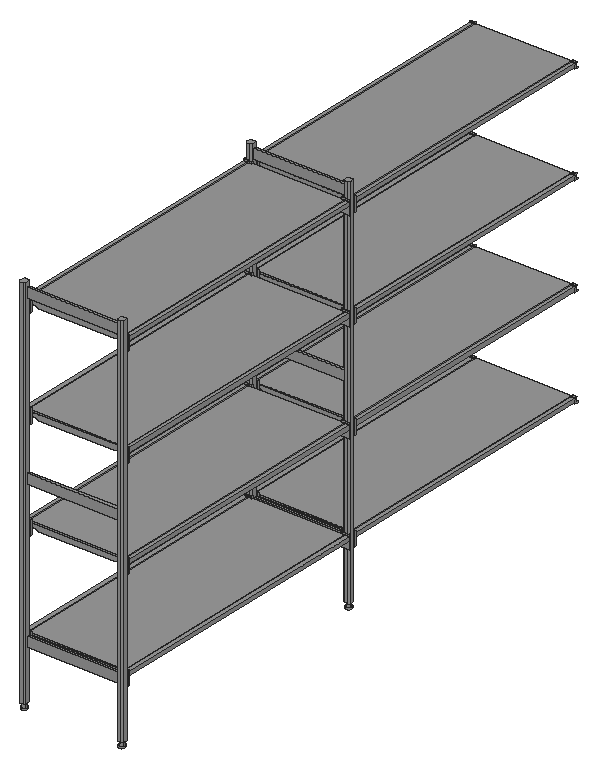
Revit family "QF_ZANUSSI_137087_CLS2548", category Attrezzature speciali, Revit 2020 (continued)
Definition of nested family "WT_Aggancio475"
  Dimensions and locks
    "Dint": plane 7 to plane 8
    equal spacing: plane 7, plane 6 "Center (Front/Back)", plane 8
    equal spacing: plane 3 "BACK", plane 6 "Center (Front/Back)", plane 4 "FRONT"
    plane 9 "FEET" to level = 25.0 mm
    plane 5 "TOP" to plane 9 "FEET" = 1700.0 mm
    plane 10 to plane 9 "FEET" = 250.0 mm
    plane 11 to plane 10 = 450.0 mm
    plane 12 to plane 11 = 450.0 mm
    plane 13 to plane 12 = 450.0 mm
    locked: plane 3 "BACK" to plane 15 "CYBack" at 17.5
    locked: plane 16 "CYFront" to plane 4 "FRONT" at 17.5
    aligned and locked: level to plane 1
    aligned and locked: Extrusion 1 sketch curve to Extrusion 1 sketch curve  (x3)
  Automatic sketch dimensions
    plane 16 "CYFront" to Extrusion 1 sketch curve = 1.478 mm  (x4)
    Extrusion 1 sketch curve to Extrusion 1 sketch curve = 2.0 mm
    plane 8 to Extrusion 1 sketch curve = 3.478 mm  (x4)
    Extrusion 1 sketch curve to plane 10 = 4.006 mm
    Extrusion 1 sketch curve to Extrusion 1 sketch curve = 34.0 mm  (x4)
    Extrusion 1 sketch curve to plane 11 = 4.006 mm
    Extrusion 1 sketch curve to plane 12 = 4.006 mm
    Extrusion 1 sketch curve to plane 13 = 4.006 mm
    Extrusion 1 sketch curve to plane 7 = 37.522 mm  (x4)
    Extrusion 1 sketch curve to plane 7 = 3.522 mm  (x4)
    plane 14 to Extrusion 1 sketch curve = 3.516 mm  (x4)
    plane 14 to Extrusion 1 sketch curve = 1.522 mm  (x4)
    plane 10 to Extrusion 1 sketch curve = 7.998 mm  (x2)
    Extrusion 1 sketch curve to Extrusion 1 sketch curve = 11.498 mm  (x4)
    Extrusion 1 sketch curve to Extrusion 1 sketch curve = 6.499 mm  (x8)
    plane 11 to Extrusion 1 sketch curve = 7.998 mm  (x2)
    plane 12 to Extrusion 1 sketch curve = 7.998 mm  (x2)
    plane 13 to Extrusion 1 sketch curve = 7.998 mm  (x2)
    plane 2 "LEFT" to Extrusion 2 sketch curve = 0.0 mm  (x4)
    plane 13 to Extrusion 2 sketch curve = 7.996 mm
    plane 11 to Extrusion 2 sketch curve = 7.996 mm
    Extrusion 2 sketch curve to Extrusion 2 sketch curve = 5.0 mm  (x4)
    plane 11 to Extrusion 2 sketch curve = 2.494 mm
    plane 10 to Extrusion 2 sketch curve = 28.996 mm
    Extrusion 2 sketch curve to Extrusion 2 sketch curve = 3.0 mm  (x4)
    plane 10 to Extrusion 2 sketch curve = 7.996 mm
    plane 10 to Extrusion 2 sketch curve = 2.494 mm
    Extrusion 2 sketch curve to Extrusion 2 sketch curve = 18.0 mm  (x3)
    plane 12 to Extrusion 2 sketch curve = 2.494 mm
    plane 12 to Extrusion 2 sketch curve = 7.996 mm
    plane 13 to Extrusion 2 sketch curve = 2.494 mm
    plane 2 "LEFT" to Extrusion 3 sketch curve = 0.0 mm  (x4)
    plane 13 to Extrusion 3 sketch curve = 7.996 mm
    plane 11 to Extrusion 3 sketch curve = 7.996 mm
    Extrusion 3 sketch curve to Extrusion 3 sketch curve = 5.0 mm  (x4)
    plane 11 to Extrusion 3 sketch curve = 2.494 mm
    plane 10 to Extrusion 3 sketch curve = 28.996 mm
    Extrusion 3 sketch curve to Extrusion 3 sketch curve = 3.0 mm  (x4)
    plane 10 to Extrusion 3 sketch curve = 7.996 mm
    plane 10 to Extrusion 3 sketch curve = 2.494 mm
    Extrusion 3 sketch curve to Extrusion 3 sketch curve = 18.0 mm  (x3)
    plane 12 to Extrusion 3 sketch curve = 2.494 mm
    plane 12 to Extrusion 3 sketch curve = 7.996 mm
    plane 13 to Extrusion 3 sketch curve = 2.494 mm
    plane 2 "LEFT" to curve 1 = 5.0 mm
    plane 2 "LEFT" to curve 7 = 5.0 mm
    curve 1 to plane 16 "CYFront" = 17.5 mm
    curve 3 to plane 8 = 12.522 mm
    plane 7 to curve 5 = 12.478 mm
    curve 7 to plane 14 = 17.5 mm
    curve 5 to curve 5 = 4.0 mm
    curve 1 to curve 4 = 4.0 mm
    Extrusion 2 sketch curve to Extrusion 2 sketch curve = 4.0 mm  (x4)
    Extrusion 2 sketch curve to Extrusion 2 sketch curve = 8.969 mm  (x4)
    Extrusion 3 sketch curve to Extrusion 3 sketch curve = 4.0 mm  (x4)
    Extrusion 3 sketch curve to Extrusion 3 sketch curve = 8.969 mm  (x4)
